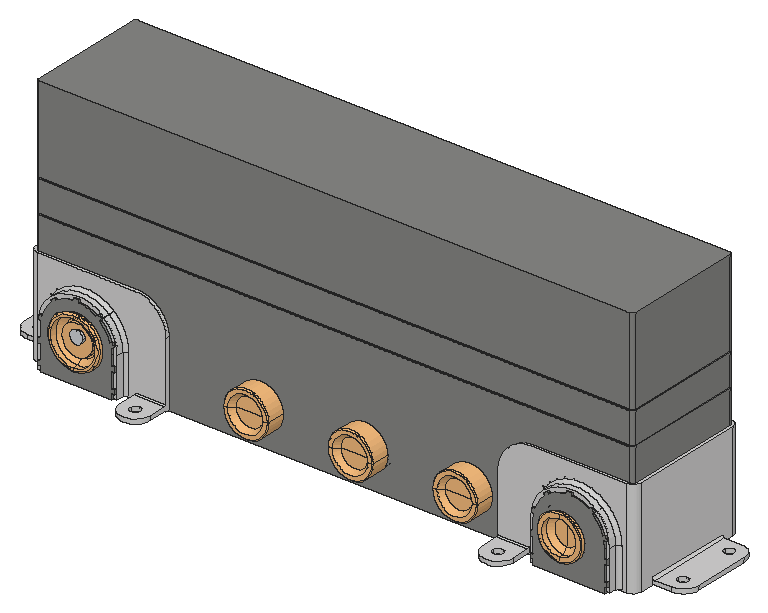
Revit family "Faucet-Valves_and_Controls-KALLISTA-P34725.rfa", category Plumbing Fixtures, host Face, Revit 2021 (continued)
Definition of nested family "P34725"
  Lines and regions (in)
    symbolic lines, detail levels medium+fine
      curve 190: line (0, 1.85039, 1.15269) -> (0, 1.92876, 1.15269)
      curve 191: line (0, 1.85039, 1.13839) -> (0, 1.92876, 1.13839)
      curve 192: line (0, 1.85039, 0.74803) -> (0, 1.92876, 0.74803)
      curve 193: line (0, 1.85039, 0.62992) -> (0, 1.92876, 0.62992)
      curve 194: line (0, 1.85039, 0.25591) -> (0, 1.92913, 0.25591)
      curve 195: line (0, 1.85039, 0.1378) -> (0, 1.92913, 0.1378)
      curve 196: line (0, -1.85039, 1.85824) -> (0, -1.8897, 1.85824)
      curve 197: line (0, -1.85039, 1.75602) -> (0, -1.8897, 1.75602)
      curve 198: line (0, -1.85039, 1.68329) -> (0, -1.8897, 1.68329)
      curve 199: line (0, -1.85039, 1.63661) -> (0, -1.8897, 1.63661)
      curve 200: line (0, -1.85039, 1.2673) -> (0, -1.8897, 1.2673)
      curve 201: line (0, -1.85039, 1.15269) -> (0, -1.8897, 1.15269)
      curve 202: line (0, -1.85039, 1.13839) -> (0, -1.8897, 1.13839)
      curve 203: line (0, -1.85039, 0.74803) -> (0, -1.8897, 0.74803)
      curve 204: line (0, -1.85039, 0.62992) -> (0, -1.8897, 0.62992)
      curve 205: line (0, -1.85039, 0.25591) -> (0, -1.8897, 0.25591)
      curve 206: line (0, -1.85039, 0.1378) -> (0, -1.8897, 0.1378)
      curve 207: line (0, 1.92876, 1.64407) -> (0, 1.92876, 0.31459)
      curve 208: line (0, -1.8897, 0.33465) -> (0, -1.8897, 1.62388)
      curve 209: line (0, -1.94882, 0.33465) -> (0, -1.94882, 1.62388)
      curve 210: line (0, -1.79224, 0.01953) -> (0, -2.44056, 0.01953)
      curve 211: line (0, 2.44188, 0.01953) -> (0, 1.7961, 0.01953)
      curve 212: line (-7.23476, 0, 2.38189) -> (-7.23476, 0, 6.10236)
      curve 213: line (7.23528, 0, 2.38189) -> (7.23528, 0, 6.10236)
      curve 214: arc (-1.81655, 0, 1.02987) -> (-1.96647, 0, 0.87995) -> (-1.81655, 0, 0.73004) r 0.14992
      curve 215: arc (-1.81655, 0, 0.73004) -> (-1.66664, 0, 0.87995) -> (-1.81655, 0, 1.02987) r 0.14992
      curve 216: arc (0.7424, 0, 1.02987) -> (0.59248, 0, 0.87995) -> (0.7424, 0, 0.73004) r 0.14992
      curve 217: arc (0.7424, 0, 0.73004) -> (0.89232, 0, 0.87995) -> (0.7424, 0, 1.02987) r 0.14992
      curve 218: arc (3.3062, 0, 1.02987) -> (3.15628, 0, 0.87995) -> (3.3062, 0, 0.73004) r 0.14992
      curve 219: arc (3.3062, 0, 0.73004) -> (3.45611, 0, 0.87995) -> (3.3062, 0, 1.02987) r 0.14992
      curve 220: line (0, -1.51575, 2.38189) -> (0, 1.51575, 2.38189)
      curve 221: line (0, -0.04594, 5.70866) -> (0, -0.04594, 2.38189)
      curve 222: line (0, 1.51575, 5.70866) -> (0, -1.51575, 5.70866)
      curve 223: circle (5.84649, 0, 0.87995) r 0.13634 normal (0, -1, 0)
      curve 228: line (-7.31302, 0, 3.20866) -> (7.31288, 0, 3.20866)
      curve 229: line (-7.31302, 0, 3.99606) -> (7.31297, 0, 3.99606)
      curve 230: line (-7.31302, 0, 3.95669) -> (7.31297, 0, 3.95669)
      curve 231: line (-7.31302, 0, 3.16929) -> (7.31297, 0, 3.16929)
      curve 232: line (-6.39929, 0, 1.38593) -> (-5.77643, 0, 1.38593)
      curve 233: arc (-5.77643, 0, 1.38593) -> (-5.71909, 0, 1.37102) -> (-5.67627, 0, 1.33006) r 0.11773
      curve 234: line (-5.67627, 0, 1.33006) -> (-5.64216, 0, 1.25691)
      curve 235: arc (-5.64216, 0, 1.25691) -> (-5.59872, 0, 1.213) -> (-5.53729, 0, 1.20659) r 0.09169
      curve 236: line (-6.47283, 0, 1.30377) -> (-5.74827, 0, 1.30377)
      curve 237: line (-5.74827, 0, 1.30377) -> (-5.71431, 0, 1.21045)
      curve 238: arc (-5.71431, 0, 1.21045) -> (-5.689, 0, 1.17103) -> (-5.64922, 0, 1.14627) r 0.10655
      curve 239: line (-5.64922, 0, 1.14627) -> (-5.64922, 0, 0.94942)
      curve 240: arc (-5.64922, 0, 0.94942) -> (-5.60631, 0, 0.86015) -> (-5.5098, 0, 0.8379) r 0.11431
      curve 241: line (-5.74827, 0, 1.30377) -> (-5.74827, 0, 1.38251)
      curve 242: line (-5.74827, 0, 1.30377) -> (-5.67627, 0, 1.33006)
      curve 243: line (-5.7234, 0, 1.23543) -> (-5.64216, 0, 1.25691)
      curve 244: line (-5.64922, 0, 1.14627) -> (-5.60644, 0, 1.21716)
      curve 245: line (-5.64922, 0, 1.14627) -> (-5.51444, 0, 1.14627)
      curve 246: line (0, -0.68829, 0.01953) -> (0, -0.68829, 0.11834)
      curve 247: line (0, 1.51575, 3.99606) -> (0, -1.51575, 3.99606)
      curve 248: line (0, -1.51575, 3.95669) -> (0, 1.51575, 3.95669)
      curve 249: line (0, 1.51575, 3.20866) -> (0, -1.51575, 3.20866)
      curve 250: line (0, -1.51575, 3.16929) -> (0, 1.51575, 3.16929)
    reference lines
      curve 224: line (-1.81655, 1.5155, 0.87995) -> (-1.81655, 5.7655, 0.87995)
      curve 225: line (5.84649, 1.5155, 0.87995) -> (5.84649, 5.7655, 0.87995)
      curve 226: line (3.3062, 1.5155, 0.87995) -> (3.3062, 5.7655, 0.87995)
      curve 227: line (0.7424, 1.5155, 0.87995) -> (0.7424, 5.7655, 0.87995)
    symbolic lines, detail levels coarse
      curve 251: line (-0.34031, 0, 4.87083) -> (1.82505, 0, 3.68973)
      curve 252: line (1.82505, 0, 4.87083) -> (-0.34031, 0, 3.68973)
      curve 253: line (-0.34031, 0, 3.68973) -> (-0.34031, 0, 4.87083)
      curve 254: line (0.74237, 0, 4.28028) -> (0.74237, 0, 3.21456)
      curve 255: line (1.82505, 0, 4.87083) -> (1.82505, 0, 3.68973)
      curve 256: line (-0.35749, 0, 3.21456) -> (1.80787, 0, 3.21456)
      curve 257: arc (-0.35749, 0, 3.21456) -> (0.72519, 0, 2.44999) -> (1.80787, 0, 3.21456) r 1.14885
  Dimensions and locks (in)
    plane 6 to plane 4 = 4.88113"
    plane 36 to level = 6.10236"  (x2)
    plane 4 to plane 6 = 4.88113"
    plane 63 to plane 64 = 15.76792"
    plane 5 to plane 7 = 3.0315"
    "Connector 1 Dis": plane 7 to plane 68 "B"
    "Connector 2 Dis": plane 7 to plane 69 "C"
    "Connector 4 Dis": plane 7 to plane 71 "E"
    "Connector 3 Dis": plane 7 to plane 70 "D"
    "Connector 4 Angle": angle plane 48 to curve 225
    "Connector 3 Angle": angle plane 49 to curve 226
    "Connector 2 Angle": angle plane 50 to curve 227
    "Connector 1 Angle": angle curve 224 to plane 47
    aligned and locked: plane 2 to level
    aligned and locked: plane 68 "B" to curve 224
    aligned and locked: plane 71 "E" to curve 225
    aligned and locked: plane 70 "D" to curve 226
    aligned and locked: plane 69 "C" to curve 227
    aligned and locked: curve 225 to Revolve 31 sketch curve
    aligned and locked: Revolve 31 sketch curve to Revolve 31 sketch curve
    aligned and locked: curve 226 to Revolve 32 sketch curve
    aligned and locked: Revolve 32 sketch curve to Revolve 32 sketch curve
    aligned and locked: curve 227 to Revolve 33 sketch curve
    aligned and locked: Revolve 33 sketch curve to Revolve 33 sketch curve
    aligned and locked: curve 224 to Revolve 34 sketch curve
    aligned and locked: Revolve 34 sketch curve to Revolve 34 sketch curve
  Automatic sketch dimensions
    Extrusion 1 sketch curve to plane 12 = 0"
    plane 7 to Extrusion 1 sketch curve = 0"
    plane 52 to Extrusion 1 sketch curve = 0"
    Extrusion 1 sketch curve to plane 5 = 0"
    Extrusion 1 sketch curve to plane 54 = 0.00034"
    Extrusion 1 sketch curve to plane 54 = 0.00017"
    Extrusion 1 sketch curve to plane 46 = 0.01955"
    Extrusion 1 sketch curve to plane 52 = 0.00091"
    Extrusion 2 sketch curve to plane 11 = 0"
    Extrusion 2 sketch curve to plane 9 = 0"  (x2)
    Extrusion 2 sketch curve to plane 41 = 0"
    plane 8 to Extrusion 2 sketch curve = 0"  (x2)
    Extrusion 2 sketch curve to plane 46 = 0"
    Extrusion 2 sketch curve to plane 34 = 0"
    Extrusion 2 sketch curve to plane 53 = 0.00054"
    Extrusion 2 sketch curve to plane 18 = 0.67358"
    plane 24 to Extrusion 2 sketch curve = 0.02185"
    plane 46 to Extrusion 2 sketch curve = 0.00094"
    Extrusion 3 sketch curve to plane 38 = 0"  (x2)
    plane 18 to Extrusion 3 sketch curve = 0"
    Extrusion 3 sketch curve to plane 17 = 0.03718"
    Extrusion 3 sketch curve to plane 63 = 0.06898"
    Extrusion 3 sketch curve to level = 0.30561"
    Extrusion 3 sketch curve to plane 19 = 0.69257"
    plane 49 to Extrusion 3 sketch curve = 0.01689"
    Extrusion 3 sketch curve to plane 25 = 0.00005"
    Extrusion 3 sketch curve to plane 26 = 0.03879"
    Extrusion 3 sketch curve to plane 64 = 0.03215"
    Extrusion 3 sketch curve to level = 0.71748"
    Extrusion 4 sketch curve to Extrusion 4 sketch curve = 0"  (x8)
    Extrusion 4 sketch curve to plane 10 = 0"
    Extrusion 4 sketch curve to plane 59 = 0"  (x2)
    Extrusion 4 sketch curve to plane 63 = 0"  (x2)
    plane 57 to Extrusion 4 sketch curve = 0"  (x2)
    Extrusion 4 sketch curve to plane 58 = 0"  (x2)
    Extrusion 4 sketch curve to plane 11 = 0"
    plane 8 to Extrusion 4 sketch curve = 0"  (x2)
    Extrusion 4 sketch curve to plane 17 = 0"  (x2)
    plane 61 to Extrusion 4 sketch curve = 0"  (x2)
    Extrusion 4 sketch curve to plane 62 = 0"  (x2)
    Extrusion 4 sketch curve to plane 25 = 0"  (x2)
    Extrusion 4 sketch curve to plane 9 = 0"  (x2)
    Extrusion 4 sketch curve to plane 66 = 0"  (x2)
    Extrusion 4 sketch curve to plane 34 = 0"
    Extrusion 4 sketch curve to plane 64 = 0"  (x2)
    Extrusion 4 sketch curve to plane 33 = 0"
    Extrusion 4 sketch curve to plane 63 = 0.00076"
    Extrusion 4 sketch curve to plane 63 = 0.00082"
    Extrusion 4 sketch curve to plane 64 = 0.00082"
    Extrusion 4 sketch curve to plane 64 = 0.00076"
    plane 65 to Extrusion 4 sketch curve = 0.00132"  (x2)
    plane 60 to Extrusion 4 sketch curve = 0.00006"  (x2)
    Sweep 5 sketch curve to plane 13 = 0"
    plane 51 to Sweep 5 sketch curve = 0.00028"
    level to Sweep 5 sketch curve = 0.01969"  (x2)
    Sweep 5 sketch curve to profile plane = 0"  (x2)
    Sweep 5 sketch curve to plane 1 "Center (Front/Back)" = 1.85039"
    Sweep 5 sketch curve to Sweep 5 sketch curve = 0.15748"  (x2)
    Sweep 5 sketch curve to Sweep 5 sketch curve = 0.26176"
    Sweep 5 sketch curve to profile plane = 0.31023"  (x2)
    plane 1 "Center (Front/Back)" to Sweep 5 sketch curve = 1.58863"
    Sweep 5 sketch curve to Sweep 5 sketch curve = 0.10428"
    profile plane to Sweep 5 sketch curve = 0.07652"  (x2)
    plane 32 to Sweep 6 sketch curve = 0"
    Sweep 6 sketch curve to plane 48 = 0.187"
    Sweep 6 sketch curve to level = 0.01969"  (x2)
    Sweep 6 sketch curve to profile plane = 0"  (x2)
    Sweep 6 sketch curve to plane 1 "Center (Front/Back)" = 1.85039"
    Sweep 6 sketch curve to Sweep 6 sketch curve = 0.15748"  (x2)
    Sweep 6 sketch curve to Sweep 6 sketch curve = 0.10428"  (x2)
    profile plane to Sweep 6 sketch curve = 0.31023"  (x2)
    plane 1 "Center (Front/Back)" to Sweep 6 sketch curve = 1.58863"
    Sweep 6 sketch curve to profile plane = 0.10072"  (x2)
    Extrusion 7 sketch curve to Extrusion 7 sketch curve = 0"  (x88)
    plane 14 to Extrusion 7 sketch curve = 0"  (x2)
    Extrusion 7 sketch curve to level = 0"  (x2)
    Extrusion 7 sketch curve to plane 14 = 0.01535"
    Extrusion 7 sketch curve to plane 14 = 0.0439"
    plane 39 to Extrusion 7 sketch curve = 0.01951"  (x4)
    Extrusion 7 sketch curve to Extrusion 7 sketch curve = 0.05906"  (x6)
    Extrusion 7 sketch curve to Extrusion 7 sketch curve = 0.05737"  (x2)
    Extrusion 7 sketch curve to Extrusion 7 sketch curve = 0.05739"  (x2)
    Extrusion 7 sketch curve to plane 14 = 0.31395"
    Extrusion 7 sketch curve to Extrusion 7 sketch curve = 0.03647"  (x4)
    Extrusion 7 sketch curve to Extrusion 7 sketch curve = 0.09306"  (x2)
    Extrusion 7 sketch curve to Extrusion 7 sketch curve = 0.03648"  (x4)
    plane 51 to Extrusion 7 sketch curve = 0.05934"
    plane 51 to Extrusion 7 sketch curve = 0.00028"
    Extrusion 7 sketch curve to plane 51 = 0.05877"
    Extrusion 7 sketch curve to plane 16 = 0.44406"
    Extrusion 7 sketch curve to Extrusion 7 sketch curve = 0.09307"  (x2)
    Extrusion 7 sketch curve to plane 16 = 0.10187"
    Extrusion 7 sketch curve to plane 16 = 0.07329"
    Extrusion 7 sketch curve to plane 16 = 0.05963"  (x3)
    Extrusion 7 sketch curve to plane 16 = 0.04447"
    Extrusion 7 sketch curve to plane 16 = 0.01592"
    Extrusion 7 sketch curve to plane 16 = 0.00057"  (x2)
    Extrusion 7 sketch curve to plane 28 = 0.00036"  (x2)
    Extrusion 7 sketch curve to plane 28 = 0.01572"
    Extrusion 7 sketch curve to plane 28 = 0.04427"
    plane 29 to Extrusion 7 sketch curve = 0.1079"
    plane 48 to Extrusion 7 sketch curve = 0.12774"
    plane 48 to Extrusion 7 sketch curve = 0.18679"
    Extrusion 7 sketch curve to Extrusion 7 sketch curve = 0.11811"  (x5)
    Extrusion 7 sketch curve to plane 30 = 0.11797"
    Extrusion 7 sketch curve to plane 31 = 0.10151"
    Extrusion 7 sketch curve to plane 31 = 0.07293"
    Extrusion 7 sketch curve to plane 31 = 0.05926"  (x3)
    Extrusion 7 sketch curve to plane 31 = 0.04411"
    Extrusion 7 sketch curve to plane 31 = 0.01556"
    Extrusion 7 sketch curve to plane 31 = 0.00021"  (x2)
    Extrusion 7 sketch curve to plane 67 = 0.03876"  (x4)
    Extrusion 7 sketch curve to Extrusion 7 sketch curve = 0.0002"  (x2)
    Extrusion 7 sketch curve to Extrusion 7 sketch curve = 0.0143"  (x4)
    Extrusion 7 sketch curve to Extrusion 7 sketch curve = 0.01431"  (x4)
    Extrusion 7 sketch curve to Extrusion 7 sketch curve = 0.04668"  (x4)
    Extrusion 7 sketch curve to Extrusion 7 sketch curve = 0.04669"  (x4)
    Extrusion 7 sketch curve to Extrusion 7 sketch curve = 0.05929"  (x2)
    Revolve 8 sketch curve to Revolve 8 sketch curve = 0.12098"  (x4)
    Revolve 8 sketch curve to Revolve 8 sketch curve = 0.05692"  (x2)
    Revolve 8 sketch curve to Revolve 8 sketch curve = 0.03924"  (x3)
    Revolve 8 sketch curve to plane 1 "Center (Front/Back)" = 0.1745"
    Revolve 8 sketch curve to plane 59 = 0.0343"
    Revolve 9 sketch curve to Revolve 9 sketch curve = 0.11775"  (x4)
    Revolve 9 sketch curve to Revolve 9 sketch curve = 0.10695"  (x2)
    Revolve 9 sketch curve to Revolve 9 sketch curve = 0.02431"
    Revolve 9 sketch curve to plane 56 = 0.3266"
    Revolve 9 sketch curve to plane 1 "Center (Front/Back)" = 0.12747"
    Revolve 10 sketch curve to plane 23 = 0"
    plane 23 to Revolve 10 sketch curve = 0.01967"  (x2)
    Revolve 10 sketch curve to Revolve 10 sketch curve = 0.09843"  (x2)
    Revolve 10 sketch curve to Revolve 10 sketch curve = 0.09154"  (x2)
    plane 49 to Revolve 10 sketch curve = 0.00898"  (x2)
    Revolve 10 sketch curve to plane 56 = 0.17257"
    Revolve 10 sketch curve to plane 1 "Center (Front/Back)" = 0.15748"
    Revolve 11 sketch curve to plane 50 = 0.00349"  (x2)
    plane 21 to Revolve 11 sketch curve = 0.21045"  (x2)
    plane 21 to Revolve 11 sketch curve = 0.11891"  (x2)
    plane 21 to Revolve 11 sketch curve = 0.02049"  (x2)
    plane 21 to Revolve 11 sketch curve = 0.0008"
    Revolve 11 sketch curve to plane 1 "Center (Front/Back)" = 0.12937"
    Revolve 11 sketch curve to plane 56 = 0.20068"
    plane 19 to Revolve 12 sketch curve = 0.00022"
    plane 19 to Revolve 12 sketch curve = 0.0199"  (x2)
    Revolve 12 sketch curve to Revolve 12 sketch curve = 0.09843"  (x2)
    Revolve 12 sketch curve to Revolve 12 sketch curve = 0.09154"  (x2)
    plane 47 to Revolve 12 sketch curve = 0.00447"  (x2)
    Revolve 12 sketch curve to plane 56 = 0.17257"
    Revolve 12 sketch curve to plane 1 "Center (Front/Back)" = 0.15748"
    Sweep 13 sketch curve to plane 12 = 0"
    plane 7 to Sweep 13 sketch curve = 0"
    Sweep 13 sketch curve to plane 5 = 0"
    plane 52 to Sweep 13 sketch curve = 0"
    Sweep 13 sketch curve to plane 54 = 0.00034"
    Sweep 13 sketch curve to plane 46 = 0.01955"
    Sweep 13 sketch curve to plane 46 = 0.02029"
    Sweep 13 sketch curve to plane 35 = 0.00005"
    profile plane to Sweep 13 sketch curve = 0.03333"
    profile plane to Sweep 13 sketch curve = 0.03033"
    Sweep 13 sketch curve to profile plane = 0.01969"  (x2)
    level to Sweep 13 sketch curve = 3.16929"
    Sweep 13 sketch curve to Sweep 13 sketch curve = 0.03937"  (x2)
    Sweep 13 sketch curve to Sweep 13 sketch curve = 0.74803"
    plane 51 to Extrusion 14 sketch curve = 0"
    plane 48 to Extrusion 15 sketch curve = 0.00898"
    plane 51 to Extrusion 16 sketch curve = 0"
    plane 48 to Extrusion 17 sketch curve = 0.00898"
    Masking region 1 sketch curve to level = 0"
    Masking region 1 sketch curve to plane 10 = 0"
    Masking region 1 sketch curve to plane 11 = 0"
    Masking region 1 sketch curve to plane 36 = 0"
    plane 34 to Masking region 1 sketch curve = 0"
    plane 33 to Masking region 1 sketch curve = 0"
    Masking region 1 sketch curve to plane 38 = 0"  (x2)
    plane 67 to Masking region 1 sketch curve = 0.0025"
    Masking region 1 sketch curve to Masking region 1 sketch curve = 0.09654"
    Masking region 1 sketch curve to plane 35 = 0.00014"
    plane 67 to Masking region 1 sketch curve = 0.00104"
    Masking region 1 sketch curve to plane 34 = 0.09784"
    Masking region 2 sketch curve to plane 6 = 0"
    Masking region 2 sketch curve to plane 9 = 0"
    Masking region 2 sketch curve to plane 7 = 0"
    Masking region 2 sketch curve to level = 0"
    Masking region 2 sketch curve to plane 8 = 0"
    Masking region 2 sketch curve to plane 36 = 0"
    plane 1 "Center (Front/Back)" to Masking region 2 sketch curve = 0.00047"
    plane 4 to Masking region 2 sketch curve = 0.00134"
    Masking region 2 sketch curve to plane 39 = 0.00002"  (x2)
    Masking region 2 sketch curve to plane 67 = 0.0978"
    Masking region 2 sketch curve to plane 67 = 0.1175"
    Masking region 2 sketch curve to Masking region 2 sketch curve = 0.05906"
    Masking region 2 sketch curve to Masking region 2 sketch curve = 0.03937"  (x2)
    Masking region 2 sketch curve to Masking region 2 sketch curve = 0.03924"  (x2)
    Masking region 2 sketch curve to Masking region 2 sketch curve = 0.05943"
    Masking region 2 sketch curve to Masking region 2 sketch curve = 0.29551"
    Masking region 2 sketch curve to Masking region 2 sketch curve = 0.27532"
    Masking region 2 sketch curve to Masking region 2 sketch curve = 0.03946"  (x2)
    Extrusion 18 sketch curve to plane 39 = 0.0075"
    Extrusion 18 sketch curve to plane 11 = 0.09145"
    plane 11 to Extrusion 18 sketch curve = 0.00742"
    plane 67 to Extrusion 18 sketch curve = 0.01438"
    plane 39 to Extrusion 19 sketch curve = 0.0075"
    plane 34 to Extrusion 19 sketch curve = 0.09145"
    Extrusion 19 sketch curve to plane 34 = 0.00742"
    Extrusion 19 sketch curve to plane 67 = 0.01438"
    plane 8 to Extrusion 20 sketch curve = 0.01095"
    Extrusion 20 sketch curve to plane 39 = 0.00731"
    plane 67 to Extrusion 20 sketch curve = 0.02684"
    plane 8 to Extrusion 21 sketch curve = 0.01095"
    Extrusion 21 sketch curve to plane 39 = 0.00731"
    plane 67 to Extrusion 21 sketch curve = 0.02684"
    Extrusion 22 sketch curve to plane 9 = 0.01095"
    plane 39 to Extrusion 22 sketch curve = 0.00731"
    Extrusion 22 sketch curve to plane 67 = 0.02684"
    plane 9 to Extrusion 23 sketch curve = 0.01095"
    Extrusion 23 sketch curve to plane 39 = 0.00731"
    plane 67 to Extrusion 23 sketch curve = 0.02684"
    Extrusion 25 sketch curve to level = 0"
    plane 40 to Extrusion 25 sketch curve = 0.01978"
    plane 51 to Extrusion 25 sketch curve = 0.00028"
    Extrusion 26 sketch curve to level = 0"
    plane 45 to Extrusion 26 sketch curve = 0.02186"
    Extrusion 26 sketch curve to plane 48 = 0.187"
    plane 51 to Extrusion 27 sketch curve = 0"
    plane 47 to Extrusion 28 sketch curve = 0.00312"
    Extrusion 28 sketch curve to plane 50 = 0.00215"
    plane 49 to Extrusion 28 sketch curve = 0.00763"
    plane 48 to Extrusion 29 sketch curve = 0.00898"
    Extrusion 30 sketch curve to plane 58 = 0"  (x2)
    Extrusion 30 sketch curve to plane 11 = 0"  (x2)
    plane 8 to Extrusion 30 sketch curve = 0"  (x2)
    Extrusion 30 sketch curve to plane 17 = 0"  (x2)
    plane 61 to Extrusion 30 sketch curve = 0"  (x2)
    Extrusion 30 sketch curve to plane 62 = 0"
    Extrusion 30 sketch curve to plane 25 = 0"
    Extrusion 30 sketch curve to plane 66 = 0"  (x2)
    Extrusion 30 sketch curve to plane 34 = 0"  (x2)
    Extrusion 30 sketch curve to plane 9 = 0"  (x2)
    plane 65 to Extrusion 30 sketch curve = 0.00132"  (x2)
    curve 225 to Revolve 31 sketch curve = 0.00004"
    Revolve 31 sketch curve to Revolve 31 sketch curve = 0.33485"
    curve 225 to Revolve 31 sketch curve = 1/4"
    Revolve 31 sketch curve to Revolve 31 sketch curve = 0.06049"
    Revolve 31 sketch curve to Revolve 31 sketch curve = 0.09843"
    Revolve 32 sketch curve to Revolve 32 sketch curve = 0.42376"
    Revolve 32 sketch curve to Revolve 32 sketch curve = 0.026"
    Revolve 32 sketch curve to Revolve 32 sketch curve = 0.07232"
    curve 226 to Revolve 32 sketch curve = 0.00113"
    curve 226 to Revolve 32 sketch curve = 1/4"
    curve 227 to Revolve 33 sketch curve = 0.0011"
    Revolve 33 sketch curve to Revolve 33 sketch curve = 0.42379"
    curve 227 to Revolve 33 sketch curve = 1/4"
    Revolve 33 sketch curve to Revolve 33 sketch curve = 0.05131"
    Revolve 33 sketch curve to Revolve 33 sketch curve = 0.02811"
    plane 51 to Extrusion 24 sketch curve = 0"
    plane 72 to Sweep 5 sketch curve = 0.10449"
    Sweep 6 sketch curve to plane 72 = 0.10449"
    Extrusion 7 sketch curve to plane 72 = 0.25003"  (x4)
    plane 72 to Extrusion 7 sketch curve = 0.1043"  (x2)
    plane 72 to Revolve 8 sketch curve = 0.1043"  (x2)
    Revolve 8 sketch curve to Revolve 8 sketch curve = 0.4225"  (x2)
    plane 72 to Revolve 9 sketch curve = 0.00587"  (x2)
    Revolve 9 sketch curve to Revolve 9 sketch curve = 0.30218"  (x2)
    plane 72 to Extrusion 14 sketch curve = 0.1043"
    plane 72 to Extrusion 15 sketch curve = 0.00587"
    plane 72 to Extrusion 16 sketch curve = 0.1043"
    plane 72 to Extrusion 17 sketch curve = 0.00587"
    plane 72 to Masking region 2 sketch curve = 0.70469"  (x2)
    plane 72 to Extrusion 24 sketch curve = 0.1043"
    plane 72 to Extrusion 25 sketch curve = 0.10867"
    Extrusion 26 sketch curve to plane 72 = 0.10867"
    plane 72 to Extrusion 27 sketch curve = 0.1043"
    plane 72 to Extrusion 28 sketch curve = 0.00579"  (x3)
    plane 72 to Extrusion 29 sketch curve = 0.00587"
    Extrusion 3 sketch curve to plane 38 = 1"
    Extrusion 3 sketch curve to Extrusion 3 sketch curve = 1"
    Extrusion 30 sketch curve to Extrusion 30 sketch curve = 0"  (x8)
    Extrusion 30 sketch curve to plane 62 = 0.12509"
    Extrusion 30 sketch curve to plane 63 = 0"  (x2)
    plane 60 to Extrusion 30 sketch curve = 0.00006"  (x2)
    Extrusion 30 sketch curve to Extrusion 30 sketch curve = 0.12529"  (x2)
    Extrusion 30 sketch curve to plane 59 = 0"  (x2)
    Extrusion 30 sketch curve to plane 62 = 0.12354"
    Extrusion 30 sketch curve to Extrusion 30 sketch curve = 0.12354"
    Extrusion 30 sketch curve to Extrusion 30 sketch curve = 0.12509"
    Extrusion 30 sketch curve to plane 64 = 0"  (x2)
    Extrusion 30 sketch curve to plane 64 = 0.12529"  (x2)
    plane 57 to Extrusion 30 sketch curve = 0"  (x2)
    Extrusion 30 sketch curve to plane 33 = 0"
    Extrusion 30 sketch curve to plane 10 = 0"
    Revolve 8 sketch curve to plane 9 = 0.13493"
    plane 65 to Revolve 8 sketch curve = 0.11891"
    Revolve 9 sketch curve to plane 9 = 0.13493"
    plane 65 to Revolve 9 sketch curve = 0.11904"
    Revolve 9 sketch curve to Revolve 9 sketch curve = 0.01969"  (x2)
    plane 65 to Revolve 10 sketch curve = 0.23009"
    plane 65 to Revolve 10 sketch curve = 0.12747"
    plane 65 to Revolve 10 sketch curve = 0.09936"
    plane 65 to Revolve 11 sketch curve = 0.23009"
    plane 65 to Revolve 11 sketch curve = 0.12747"
    plane 65 to Revolve 11 sketch curve = 0.09936"
    plane 65 to Revolve 12 sketch curve = 0.23009"
    plane 65 to Revolve 12 sketch curve = 0.12747"
    plane 65 to Revolve 12 sketch curve = 0.09936"
    plane 65 to Masking region 2 sketch curve = 0.07967"
    Masking region 2 sketch curve to Masking region 2 sketch curve = 0.05925"
    Masking region 2 sketch curve to Masking region 2 sketch curve = 0.05912"
    Masking region 2 sketch curve to Masking region 2 sketch curve = 0.03931"
    Masking region 2 sketch curve to Masking region 2 sketch curve = 0.09784"
    plane 9 to Extrusion 22 sketch curve = 0.05998"
    Extrusion 23 sketch curve to plane 9 = 0.05998"
    Revolve 8 sketch curve to plane 8 = 0.13493"
    plane 61 to Revolve 8 sketch curve = 0.11891"
    Revolve 9 sketch curve to plane 8 = 0.13493"
    plane 61 to Revolve 9 sketch curve = 0.11904"
    plane 61 to Revolve 10 sketch curve = 0.23009"
    plane 61 to Revolve 10 sketch curve = 0.12747"
    Revolve 10 sketch curve to Revolve 10 sketch curve = 0.02811"
    plane 61 to Revolve 11 sketch curve = 0.23008"
    plane 61 to Revolve 11 sketch curve = 0.12747"
    Revolve 11 sketch curve to Revolve 11 sketch curve = 0.02811"
    plane 61 to Revolve 12 sketch curve = 0.23009"
    plane 61 to Revolve 12 sketch curve = 0.12747"
    Revolve 12 sketch curve to Revolve 12 sketch curve = 0.02811"
    Masking region 2 sketch curve to plane 8 = 0.09784"
    Masking region 2 sketch curve to Masking region 2 sketch curve = 0.15807"
    plane 61 to Masking region 2 sketch curve = 0.1391"
    plane 61 to Masking region 2 sketch curve = 0.13874"
    plane 61 to Masking region 2 sketch curve = 0.07967"
    Extrusion 20 sketch curve to plane 8 = 0.05998"
    Extrusion 21 sketch curve to plane 8 = 0.05998"
    plane 12 to Masking region 1 sketch curve = 0"
    Masking region 2 sketch curve to plane 5 = 0"
    plane 38 to Masking region 2 sketch curve = 0"  (x2)
    curve 11 to curve 24 = 0"  (x2)
    curve 11 to curve 28 = 0"
    curve 11 to curve 32 = 0"
    curve 11 to curve 36 = 0"
    curve 11 to curve 40 = 0"
    curve 22 to curve 26 = 0"  (x2)
    curve 22 to curve 30 = 0"  (x2)
    curve 22 to curve 34 = 0"  (x2)
    curve 22 to curve 38 = 0"  (x2)
    curve 24 to curve 28 = 0"
    curve 24 to curve 32 = 0"
    curve 24 to curve 36 = 0"
    curve 24 to curve 40 = 0"
    curve 34 to curve 42 = 0"
    curve 38 to curve 42 = 0"
    curve 55 to curve 57 = 0"
    curve 55 to curve 58 = 0"  (x2)
    curve 61 to curve 62 = 0"
    curve 61 to curve 63 = 0"  (x2)
    curve 65 to curve 66 = 0"
    curve 67 to curve 68 = 0"
    curve 67 to curve 69 = 0"  (x2)
    curve 68 to curve 70 = 0"
    curve 73 to curve 74 = 0"
    curve 73 to curve 75 = 0"  (x2)
    curve 74 to curve 78 = 0"
    curve 99 to curve 115 = 0"  (x2)
    curve 102 to curve 117 = 0"  (x2)
    curve 103 to curve 115 = 0"  (x2)
    curve 103 to curve 119 = 0"
    curve 105 to curve 117 = 0"  (x2)
    curve 107 to curve 115 = 0"  (x2)
    curve 109 to curve 117 = 0"  (x2)
    curve 111 to curve 115 = 0"  (x2)
    curve 111 to curve 119 = 0"
    curve 113 to curve 117 = 0"  (x2)
    curve 128 to curve 134 = 0"
    curve 131 to curve 133 = 0"
    curve 131 to curve 134 = 0"
    curve 132 to curve 133 = 0"
    curve 132 to curve 134 = 0"
    curve 133 to curve 134 = 0"
    curve 149 to plane 10 = 0"
    plane 12 to curve 228 = 0"
    plane 12 to curve 229 = 0"
    plane 12 to curve 1 = 0"
    plane 12 to curve 4 = 0"
    curve 212 to plane 38 = 0"
    curve 212 to plane 36 = 0"
    curve 2 to plane 41 = 0"
    plane 40 to curve 53 = 0"
    curve 12 to plane 13 = 0"
    plane 14 to curve 20 = 0"
    plane 14 to curve 16 = 0"
    curve 13 to level = 0"
    curve 21 to plane 73 = 0"
    plane 51 to curve 60 = 0"
    curve 51 to level = 0"
    curve 52 to plane 42 = 0"
    plane 43 to curve 144 = 0"
    curve 7 to plane 17 = 0"
    plane 18 to curve 6 = 0"
    plane 47 to curve 215 = 0"
    curve 217 to plane 50 = 0"
    plane 49 to curve 219 = 0"
    curve 83 to level = 0"
    curve 80 to plane 39 = 0"
    plane 26 to curve 81 = 0"
    plane 26 to curve 138 = 0"
    curve 84 to plane 38 = 0"
    plane 44 to curve 136 = 0"
    curve 126 to level = 0"
    curve 119 to plane 73 = 0"
    curve 223 to plane 48 = 0"
    curve 90 to level = 0"
    curve 98 to plane 73 = 0"
    plane 32 to curve 89 = 0"
    curve 136 to plane 45 = 0"
    plane 46 to curve 137 = 0"
    curve 213 to plane 36 = 0"
    curve 1 to plane 37 = 0"
    curve 7 to plane 39 = 0"
    curve 215 to plane 72 = 0"
    curve 223 to plane 72 = 0"
    curve 217 to plane 72 = 0"
    curve 219 to plane 72 = 0"
    curve 23 to plane 14 = 0.01535"
    curve 25 to plane 14 = 0.0439"
    plane 39 to curve 13 = 0.01951"
    curve 14 to curve 13 = 0.05906"
    curve 15 to curve 16 = 0.05906"
    curve 21 to plane 14 = 0.05906"
    curve 24 to curve 23 = 0.05737"
    curve 24 to curve 25 = 0.05739"
    curve 27 to plane 14 = 0.31395"
    curve 28 to curve 27 = 0.03647"
    curve 27 to curve 29 = 0.09306"
    curve 28 to curve 29 = 0.03648"
    plane 51 to curve 31 = 0.05934"
    curve 28 to plane 73 = 0.0002"
    plane 51 to curve 28 = 0.00028"
    curve 11 to curve 34 = 0"
    curve 33 to plane 51 = 0.05877"
    curve 35 to plane 16 = 0.44406"
    curve 35 to curve 35 = 0.03648"
    curve 34 to curve 37 = 0.09307"
    curve 37 to curve 37 = 0.03647"
    curve 39 to plane 16 = 0.10187"
    curve 41 to plane 16 = 0.07329"
    plane 39 to curve 50 = 0.01951"
    curve 50 to plane 16 = 0.05963"
    curve 46 to plane 16 = 0.05963"
    curve 43 to curve 11 = 0.09843"
    curve 39 to plane 16 = 0.04447"
    curve 41 to plane 16 = 0.01592"
    curve 44 to plane 16 = 0.00057"
    curve 50 to plane 16 = 0.00057"
    plane 42 to curve 146 = 0.00668"
    curve 5 to plane 17 = 0.03718"
    plane 47 to curve 61 = 0.00447"
    curve 69 to plane 50 = 0.00349"
    plane 49 to curve 74 = 0.00898"
    curve 83 to plane 25 = 0.00005"
    curve 85 to plane 26 = 0.03879"
    plane 67 to curve 141 = 0.00067"
    curve 139 to curve 141 = 0.05903"
    level to curve 79 = 0.01969"
    curve 79 to plane 44 = 0.02813"
    curve 87 to plane 73 = 0.0002"
    plane 27 to curve 87 = 0.00057"
    curve 121 to plane 28 = 0.00036"
    curve 127 to plane 28 = 0.00036"
    curve 118 to plane 28 = 0.01572"
    curve 116 to plane 28 = 0.04428"
    curve 124 to curve 154 = 0.05906"
    plane 39 to curve 126 = 0.01951"
    curve 124 to curve 126 = 0.05906"
    curve 120 to plane 28 = 0.05942"
    curve 118 to curve 118 = 0.05737"
    curve 116 to curve 116 = 0.05739"
    plane 29 to curve 114 = 0.1079"
    curve 114 to curve 114 = 0.03647"
    curve 113 to curve 112 = 0.09317"
    curve 112 to curve 112 = 0.03648"
    plane 48 to curve 131 = 0.00898"
    plane 48 to curve 110 = 0.12774"
    curve 117 to curve 88 = 0.00021"
    curve 102 to curve 119 = 0"
    curve 109 to curve 108 = 0.11827"
    curve 106 to plane 30 = 0.11797"
    curve 107 to curve 106 = 0.03648"
    curve 107 to curve 104 = 0.09317"
    curve 103 to curve 104 = 0.03647"
    curve 101 to plane 31 = 0.10151"
    curve 100 to plane 31 = 0.07292"
    plane 39 to curve 91 = 0.01951"
    curve 91 to plane 31 = 0.05926"
    curve 94 to plane 31 = 0.0591"
    curve 97 to plane 31 = 0.0591"
    curve 101 to plane 31 = 0.04411"
    curve 100 to plane 31 = 0.01556"
    curve 92 to plane 31 = 0.00021"
    curve 96 to plane 31 = 0.00005"
    level to curve 81 = 5/256"
    level to curve 9 = 5/256"
    level to curve 146 = 0.01969"
    plane 67 to curve 145 = 0.00051"
    curve 17 to plane 67 = 0.03876"
    curve 124 to plane 67 = 0.03876"
    curve 93 to plane 67 = 0.03876"
    curve 49 to plane 67 = 0.03876"
    curve 47 to plane 72 = 0.25003"
    curve 95 to plane 72 = 0.25003"
    curve 125 to plane 72 = 0.25003"
    curve 18 to plane 72 = 0.25003"
    curve 95 to curve 96 = 0.11811"
    curve 123 to curve 120 = 0.11811"
    curve 18 to curve 19 = 0.11811"
    curve 46 to curve 43 = 0.11811"
    plane 72 to curve 68 = 0.00579"
    plane 72 to curve 73 = 0.00579"
    plane 72 to curve 66 = 0.00579"
    plane 72 to curve 133 = 0.00587"
    curve 119 to curve 117 = 0.0002"
    curve 54 to plane 73 = 0.00318"
    curve 88 to curve 136 = 0.00407"
    curve 100 to plane 73 = 0.1541"
    curve 99 to curve 100 = 0.0143"
    curve 41 to curve 41 = 0.0143"
    curve 119 to curve 118 = 0.0143"
    curve 23 to curve 23 = 0.0143"
    curve 101 to curve 101 = 0.01431"
    curve 25 to curve 24 = 0.01431"
    curve 39 to curve 39 = 0.01431"
    curve 116 to curve 116 = 0.01431"
    curve 103 to curve 104 = 0.04668"
    curve 27 to curve 27 = 0.04668"
    curve 37 to curve 37 = 0.04668"
    curve 115 to curve 114 = 0.04668"
    curve 106 to curve 106 = 0.04669"
    curve 29 to curve 28 = 0.04669"
    curve 35 to curve 35 = 0.04669"
    curve 112 to curve 112 = 0.04669"
    curve 107 to curve 108 = 0.05929"
    curve 31 to curve 31 = 0.05929"
    curve 3 to plane 63 = 0.00008"
    curve 212 to curve 2 = 0.01976"
    plane 19 to curve 66 = 0.00022"
    curve 61 to curve 62 = 0.01968"
    curve 62 to curve 63 = 0.09843"
    plane 21 to curve 72 = 0.0008"
    curve 67 to curve 68 = 0.01968"
    curve 68 to curve 70 = 0.09843"
    curve 73 to plane 23 = 0"
    plane 23 to curve 74 = 0.01967"
    curve 77 to curve 75 = 0.09843"
    curve 213 to plane 46 = 0.02029"
    curve 228 to plane 35 = 0.00014"
    curve 85 to plane 35 = 0.00005"
    curve 1 to plane 35 = 0.00005"
    curve 229 to plane 35 = 0.00005"
    plane 33 to curve 148 = 0.00336"
    level to curve 135 = 0.01969"
    level to curve 12 = 0.01969"
    curve 150 to plane 39 = 0.03955"
    curve 152 to plane 39 = 0.03955"
    curve 153 to plane 39 = 0.03955"
    curve 151 to plane 39 = 0.03955"
    curve 3 to plane 39 = 0.00018"
    plane 67 to curve 138 = 0.00061"
    curve 143 to curve 8 = 0.00011"
    curve 133 to plane 67 = 0.1175"
    curve 55 to plane 67 = 0.12747"
    curve 128 to curve 132 = 0.02431"
    curve 55 to curve 60 = 0.03924"
    curve 57 to curve 58 = 0.05692"
    curve 129 to curve 131 = 0.10695"
    curve 216 to plane 72 = 0.14992"
    curve 218 to curve 218 = 0.14992"
    curve 214 to plane 72 = 0.14992"
    curve 228 to plane 38 = 0.82677"
    curve 228 to curve 229 = 0.7874"
    Extrusion 35 sketch curve to plane 51 = 0.02098"
    Extrusion 35 sketch curve to plane 73 = 0.1017"
    curve 232 to plane 51 = 0.25677"
    curve 233 to curve 237 = 0.02816"
    curve 233 to curve 237 = 0.06213"
    curve 236 to curve 234 = 0.072"
    curve 237 to curve 239 = 0.06509"
    curve 243 to plane 73 = 0.27266"
    curve 233 to curve 243 = 0.03411"
    curve 235 to curve 238 = 0.02797"
    curve 238 to curve 235 = 0.05512"
    plane 73 to curve 240 = 0.03483"
    curve 240 to curve 240 = 0.11431"
    curve 244 to curve 235 = 0.11064"
    curve 237 to curve 235 = 0.04646"
    curve 237 to curve 233 = 0.05775"
    curve 238 to curve 235 = 0.04877"
    curve 233 to curve 236 = 0.03556"
    curve 236 to curve 242 = 0.0263"
    plane 51 to curve 232 = 0.36609"
    curve 236 to curve 232 = 0.07354"
    curve 243 to plane 73 = 0.25118"
    curve 244 to plane 73 = 0.23291"
    curve 244 to curve 235 = 0.06915"
    curve 235 to curve 245 = 0.02285"
    curve 240 to plane 72 = 0.04205"
    plane 12 to curve 231 = 0"
    plane 12 to curve 230 = 0"
    curve 231 to plane 35 = 0.00005"
    curve 230 to plane 35 = 0.00005"
    curve 231 to curve 228 = 0.03937"
    curve 230 to curve 229 = 0.03937"
    curve 59 to curve 60 = 0"
    curve 55 to plane 73 = 0"
    curve 210 to plane 6 = 0"
    curve 173 to plane 39 = 0"
    curve 173 to plane 65 = 0"
    plane 73 to curve 177 = 0"
    curve 175 to plane 9 = 0"
    curve 222 to plane 7 = 0"
    curve 220 to plane 7 = 0"
    plane 38 to curve 162 = 0"
    curve 162 to plane 36 = 0"
    curve 172 to plane 55 = 0"
    plane 67 to curve 183 = 0"
    curve 181 to plane 58 = 0"
    curve 221 to plane 56 = 0"
    curve 166 to plane 57 = 0"
    curve 156 to plane 53 = 0"
    curve 155 to plane 36 = 0"
    curve 155 to plane 52 = 0"
    curve 222 to plane 5 = 0"
    curve 220 to plane 5 = 0"
    curve 161 to plane 8 = 0"
    plane 73 to curve 161 = 0"
    curve 157 to plane 61 = 0"
    curve 175 to level = 0"
    curve 159 to level = 0"
    curve 157 to plane 39 = 0"
    plane 37 to curve 221 = 0"
    curve 174 to plane 39 = 0.04045"
    curve 174 to plane 75 = 0.1378"
    curve 179 to curve 179 = 0.05815"
    curve 172 to curve 178 = 0.15925"
    curve 180 to plane 39 = 0.04131"
    curve 168 to curve 168 = 0.05906"
    curve 165 to curve 167 = 0.05729"
    curve 164 to plane 39 = 0.04045"
    curve 164 to plane 74 = 0.19595"
    curve 164 to curve 158 = 0.05815"
    level to curve 181 = 5/256"
    curve 177 to plane 75 = 0.03937"
    curve 202 to curve 202 = 0.03931"
    curve 197 to curve 197 = 0.03931"
    plane 39 to curve 206 = 0.01951"
    curve 206 to curve 206 = 0.03931"
    curve 196 to curve 196 = 0.03931"
    curve 198 to curve 198 = 0.03931"
    curve 205 to curve 205 = 0.03931"
    curve 199 to curve 208 = 0"
    curve 210 to curve 179 = 0"
    curve 176 to plane 9 = 0.09843"
    curve 162 to plane 54 = 0.00017"
    curve 246 to plane 60 = 0.02045"
    plane 39 to curve 171 = 0.00005"
    curve 171 to plane 59 = 0.02051"
    curve 160 to plane 8 = 0.09843"
    curve 164 to curve 211 = 0.00386"
    curve 207 to plane 74 = 0.05943"
    curve 207 to curve 187 = 0.00037"
    plane 39 to curve 195 = 0.01951"
    curve 195 to plane 74 = 0.05906"
    curve 186 to plane 74 = 0.05906"
    curve 185 to plane 74 = 0.05906"
    curve 207 to curve 194 = 0.00037"
    plane 4 to curve 211 = 0.00132"
    curve 211 to curve 164 = 0.00015"
    level to curve 173 = 5/256"
    curve 205 to plane 67 = 0.03876"
    curve 194 to plane 67 = 0.03876"
    curve 194 to curve 207 = 0.05868"
    curve 205 to curve 209 = 0.07874"
    curve 209 to curve 208 = 0"  (x2)
    curve 193 to plane 72 = 0.25003"
    curve 204 to plane 72 = 0.25003"
    curve 204 to curve 203 = 0.11811"
    curve 193 to curve 192 = 0.11811"
    curve 202 to plane 73 = 0.15414"
    curve 191 to plane 73 = 0.15414"
    curve 202 to curve 201 = 0.0143"
    curve 191 to curve 190 = 0.0143"
    curve 190 to curve 189 = 0.11461"
    curve 201 to curve 200 = 0.11461"
    curve 200 to curve 208 = 0.35658"
    curve 208 to curve 199 = 0.01272"
    curve 189 to curve 188 = 0.36931"
    curve 188 to curve 207 = 0.00746"
    curve 199 to curve 198 = 0.04668"
    curve 207 to curve 187 = 0.03921"
    curve 198 to curve 197 = 0.07273"
    curve 187 to curve 186 = 0.07273"
    curve 186 to curve 185 = 0.10223"
    curve 197 to curve 196 = 0.10223"
    curve 196 to curve 174 = 0.05929"
    curve 185 to curve 158 = 0.05929"
    curve 174 to curve 176 = 0.03927"
    curve 158 to curve 160 = 0.03927"
    curve 176 to curve 175 = 0.1001"
    curve 160 to curve 159 = 0.1001"
    Revolve 34 sketch curve to curve 224 = 0"
    curve 224 to Revolve 34 sketch curve = 0.00116"
    Revolve 34 sketch curve to Revolve 34 sketch curve = 0.42374"
    Revolve 34 sketch curve to curve 224 = 1/4"
    Revolve 34 sketch curve to Revolve 34 sketch curve = 0.05131"
    Revolve 34 sketch curve to Revolve 34 sketch curve = 0.05188"
    curve 256 to plane 3 "Center (Left/Right)" = 0.35749"
    curve 251 to plane 3 "Center (Left/Right)" = 0.34031"
    curve 257 to plane 50 = 0.01721"
    curve 252 to plane 22 = 0.53533"
    curve 256 to plane 38 = 0.83268"
    curve 254 to curve 257 = 0.38428"
    curve 257 to curve 252 = 0.47517"
    curve 256 to curve 255 = 0.47517"
    plane 37 to curve 252 = 0.83783"
    plane 37 to curve 253 = 0.83783"
    curve 254 to plane 50 = 0.00003"
    Masking region 3 sketch curve to curve 225 = 0.07835"
    curve 225 to Masking region 3 sketch curve = 0.00025"
    curve 225 to Masking region 3 sketch curve = 13.08091"
    Masking region 3 sketch curve to Masking region 3 sketch curve = 2.87464"
    Masking region 3 sketch curve to Masking region 3 sketch curve = 0.07826"
    curve 225 to Masking region 3 sketch curve = 1.38806"
    Masking region 3 sketch curve to Masking region 3 sketch curve = 0.07842"
    Masking region 3 sketch curve to curve 225 = 0.07744"
    Extrusion 36 sketch curve to plane 11 = 0"
    Extrusion 36 sketch curve to plane 12 = 0"
    Extrusion 36 sketch curve to plane 5 = 0"  (x2)
    plane 7 to Extrusion 36 sketch curve = 0"  (x2)
    Extrusion 36 sketch curve to plane 41 = 0"
    plane 8 to Extrusion 36 sketch curve = 0"  (x2)
    Extrusion 36 sketch curve to plane 18 = 0"  (x2)
    Extrusion 36 sketch curve to plane 25 = 0"  (x2)
    Extrusion 36 sketch curve to plane 9 = 0"  (x2)
    Extrusion 36 sketch curve to plane 46 = 0"
    Extrusion 36 sketch curve to plane 34 = 0"
    plane 52 to Extrusion 36 sketch curve = 0.00044"
    Extrusion 36 sketch curve to plane 41 = 0.01775"
    plane 41 to Extrusion 36 sketch curve = 0.00094"
    plane 46 to Extrusion 36 sketch curve = 0.00094"
    Extrusion 36 sketch curve to plane 46 = 0.01706"
    plane 54 to Extrusion 36 sketch curve = 0.00071"
    Extrusion 36 sketch curve to plane 46 = 0.01867"
    Extrusion 37 sketch curve to plane 12 = 0"
    plane 7 to Extrusion 37 sketch curve = 0"
    Extrusion 37 sketch curve to plane 5 = 0"
    plane 52 to Extrusion 37 sketch curve = 0"
    Extrusion 37 sketch curve to plane 41 = 0.01976"
    Extrusion 37 sketch curve to plane 46 = 0.01955"
    Extrusion 37 sketch curve to plane 46 = 0.02029"
    Extrusion 37 sketch curve to plane 35 = 0.00005"
    curve 224 to plane 47 = 0"
    curve 227 to plane 50 = 0"
    curve 226 to plane 49 = 0"
    curve 225 to plane 48 = 0"
    radius of Extrusion 4 sketch curve = 0.12529"  (x4)
    radius of Extrusion 4 sketch curve = 0.12354"  (x2)
    radius of Extrusion 4 sketch curve = 0.12509"  (x2)
    radius of Extrusion 14 sketch curve = 0.60039"
    radius of Extrusion 15 sketch curve = 0.44719"
    radius of Extrusion 16 sketch curve = 0.60039"
    radius of Extrusion 17 sketch curve = 1/2"
    radius of Extrusion 27 sketch curve = 0.69038"
    radius of Extrusion 28 sketch curve = 0.58377"  (x3)
    radius of Extrusion 29 sketch curve = 0.56629"
    radius of Extrusion 24 sketch curve = 3/8"
    radius of curve 134 = 0.35767"
    radius of curve 223 = 0.13634"
    radius of Extrusion 35 sketch curve = 0.15748"
